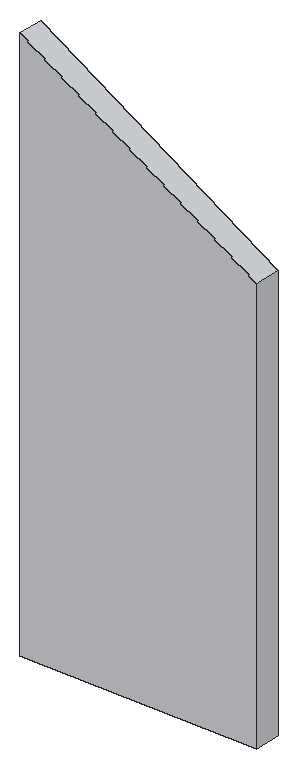
Revit family "EXP_WT-2_CPan-008", category Curtain Panels, Revit 2021
Family settings
  OmniClass Number = 23.25.20.14.11.11.17
  OmniClass Title = Infill Panels
  Always vertical = Yes
  Cut with Voids When Loaded = No
  Shared = No
Parameters
  UI-UnitNumber [instance] = "001"
  UI-Quadrant [instance] = "SE"
  UI-ProjectAbbreviation = "NEU"
  UI-ItemCategory = "PID"
  UI-FloorNumber [instance] = "03"
  PNT-WallType = "WT2"
  PNT-ProjectAbbreviation = "NEU"
  PNT-PanelType [instance] = "01"
  PNT-ItemCategory = "PNL"
  HSX [instance] = HModSX - CellH  # 12' - 0"
  HModSX [instance] = 13' - 6"
  HModDX [instance] = 18' - 1"
  HDX [instance] = HModDX - CellH  # 16' - 7"
  GlassH1 [instance] = none
  Define Thermal Properties by = Schematic Type
  CellSxH [instance] = HSX + CellH  # 13' - 6"
  CellSp = 0' - 10 3/16"
  CellL [instance] = 1' - 0"
  CellH2 [instance] = 9' - 8"
  CellH [instance] = 1' - 6"
  CellDxH [instance] = HDX + CellH  # 18' - 1"
  AncleTrapezoid [instance] = 120.872°
  Analytic Construction = "<None>"
Reference planes (in)
  plane 1 "Center (Front/Back)": y = 0
  plane 2: z = 0
  plane 3 "Center (Left/Right)": x = 0
  plane 4 "Left": x = -46
  plane 5 "Right": x = 46
  plane 6 "Top": z = 18
  plane 7: y = -10.1875
  plane 8: z = 162
  plane 9: z = 217
Forms (in)
  Extrusion 1, solid, material <- "GlassH1"
    sketch origin (0, 0, 0) x (1, 0, 0) y (0, 0, 1)
      loop
        line (46, 162) -> (-46, 217) -> (-46, 0) -> (46, 0) -> (46, 162)
    from 0 to 10.1875
Lines and regions (in)
  reference lines
    curve 1: line (46, 0, 162) -> (-46, 0, 217)
Text (in)
  text "Exterior" at (-92.59733, 55.75508, 0), in view "Ref. Level"
  text "Exterior" at (0, 90.18664, 173.49264), in view "Left"
  text "Exterior" at (0, 52.29083, 162.21847), in view "Right"
Dimensions and locks (in)
  equal spacing: plane 4 "Left", plane 3 "Center (Left/Right)", plane 5 "Right"  (x2)
  plane 4 "Left" to plane 5 "Right" = 7' - 8"
  "CellSp": plane 7 to plane 1 "Center (Front/Back)"
  "CellH": plane 2 to plane 6 "Top"
  "HSX": plane 6 "Top" to plane 8
  "HDX": plane 6 "Top" to plane 9
  "AncleTrapezoid": angle plane 5 "Right" to curve 1
  aligned and locked: level to plane 2
  aligned and locked: plane 5 "Right" to Extrusion 1 sketch curve
  aligned and locked: Extrusion 1 sketch curve to plane 4 "Left"
  aligned and locked: Extrusion 1 to plane 7
  aligned and locked: plane 2 to Extrusion 1 sketch curve
Automatic sketch dimensions
  Extrusion 1 sketch curve to plane 8 = 0' - 0"
  Extrusion 1 sketch curve to plane 9 = 0' - 0"
  curve 1 to plane 4 "Left" = 0' - 0"
  curve 1 to plane 8 = 0' - 0"
